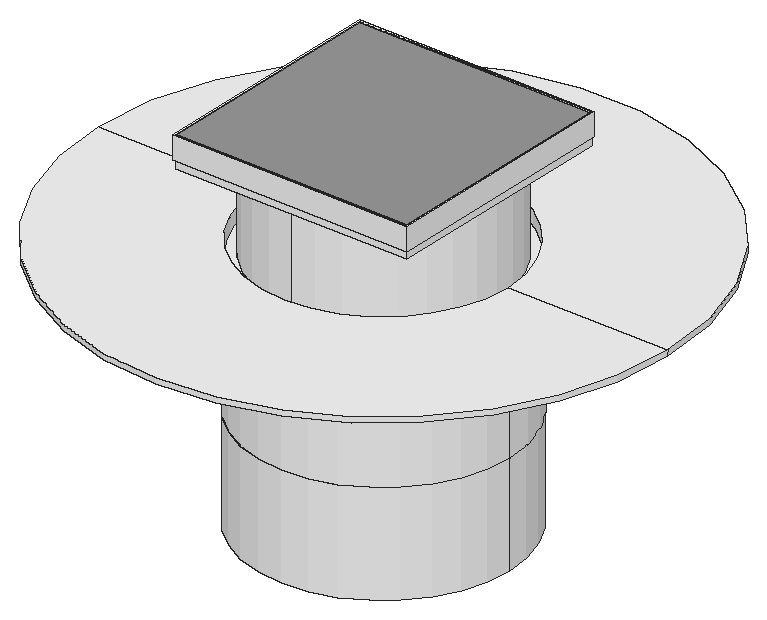
Revit family "HL_RU_Roof drain_HL62BP-B-221103", category Instalační zařizovací předměty, Revit 2021
Family settings
  Kóta kulaté spojky = Použít průměr
  Typ dílu = Normální
  Číslo OmniClass = 23.70.50.21.24.14
  Nadpis OmniClass = Deck Waste Water Drains
  Založené na pracovní rovině = Ne
  Vždy vertikální = Ano
  Ořezat dutým tvarem při načtení = Ne
  Sdílené = Ne
  Bod výpočtu místnosti = Ano
Parameters (values of type "HL_Кровельная воронка_HL62BP_5")
  РЕШЁТКА = "Edelstahl 137x137mm"
  РАЗМЕР = "DN160"
  ПРОПУСКНАЯ СПОСОБНОСТЬ [instance] = 0.0 L/s
  ПРОИЗВОДИТЕЛЬНОСТЬ = "6,0 l/s"
  ПРАВОВАЯ ИНФОРМАЦИЯ = "Авторские права(©), права на дизайн или какие либо другие права интелектуальной собственности являются исключительной собственностью компании HL Hutterer & Lechner. Изменению не подлежит. Файл семейства с данными о прозводителе изделия защищен паролем с водяным знаком."
  НОМИНАЛЬНЫЙ ДИАМЕТР = 160 mm
  НАСАДКА = "12-65mm/148x148mm"
  МАТЕРИАЛ = "PP/PVC"
  МАКСИМАЛЬНАЯ НАГРУЗКА КЛАССА = "K - 300 kg"
  ВЫСОТА МОНТАЖА = "120 mm"
  ВЕС = "1,72 [kg]"
  Výchozí výška = 0 mm
  Výrobce = "HL Hutterer & Lechner GmbH"  # constant formula
  URL = "http://www.hutterer-lechner.com/ru/products/catalog/roof-drains/HL62BP/5.aspx"
  Материал плитка [instance] = none
  Přípoj ventilace = no
  Přípoj odpadních dílů = yes
  Přípoj HW = no
  Přípoj CW = no
  Popis = "Кровельные воронки"
  Model = "HL62BP_5"
  Assembly Code = " "
  Komentáře k typům = "HL62BP/5 Кровельная воронка DN160 с ПВХ_консолью для эксплуатируемой кровли _ 148х148мм/137х137мм,"
  Keynote = "HL62BP_5"
  EAN = "9003076022298"
  Bысота монтажа [instance] = 65 mm  # constant formula
  G [instance] = 180.00°  # constant formula
  D [instance] = if(НОМИНАЛЬНЫЙ ДИАМЕТР = 75 mm, 58 mm, 60 mm) + Bысота монтажа  # 125 mm
  C [instance] = if(Bысота монтажа - 68 mm < 0 mm, 0 mm, Bысота монтажа - 68 mm)  # 0 mm
  B [instance] = 100 mm  # constant formula
  A [instance] = if(B - 100 mm > 15 mm, B - 100 mm, 15 mm)  # 15 mm
Types (5, lengths in mm): name | РАЗМЕР | НОМИНАЛЬНЫЙ ДИАМЕТР | ВЕС | URL | Model | Komentáře k typům | Keynote | EAN | D
  (no name) | "DN75" | 75 | "1,4 [kg]" | "http://www.hutterer-lechner.com/ru/products/catalog/roof-drains/HL62BP/7.aspx" | "HL62BP_7" | "HL62BP/7 Кровельная воронка DN75 с ПВХ_консолью для эксплуатируемой кровли _ 148х148мм/137х137мм," | "HL62BP_7" | "9003076022311" | 123
  HL_Кровельная воронка_HL62BP_1 | "DN110" | 110 | "1,36 [kg]" | "http://www.hutterer-lechner.com/ru/products/catalog/roof-drains/HL62BP/1.aspx" | "HL62BP_1" | "HL62BP/1 Кровельная воронка DN110 с ПВХ_консолью для эксплуатируемой кровли _ 148х148мм/137х137мм," | "HL62BP_1" | "9003076022250" | 125
  HL_Кровельная воронка_HL62BP_2 | "DN125" | 125 | "1,67 [kg]" | "http://www.hutterer-lechner.com/ru/products/catalog/roof-drains/HL62BP/2.aspx" | "HL62BP_2" | "HL62BP/2 Кровельная воронка DN125 с ПВХ_консолью для эксплуатируемой кровли _ 148х148мм/137х137мм," | "HL62BP_2" | "9003076022274" | 125
  HL_Кровельная воронка_HL62BP_5 | "DN160" | 160 | "1,72 [kg]" | "http://www.hutterer-lechner.com/ru/products/catalog/roof-drains/HL62BP/5.aspx" | "HL62BP_5" | "HL62BP/5 Кровельная воронка DN160 с ПВХ_консолью для эксплуатируемой кровли _ 148х148мм/137х137мм," | "HL62BP_5" | "9003076022298" | 125
  HL_Кровельная воронка_HL62BP_7 | "DN75" | 75 | "1,4 [kg]" | "http://www.hutterer-lechner.com/ru/products/catalog/roof-drains/HL62BP/7.aspx" | "HL62BP_7" | "HL62BP/7 Кровельная воронка DN75 с ПВХ_консолью для эксплуатируемой кровли _ 148х148мм/137х137мм," | "HL62BP_7" | "9003076022311" | 123
Reference planes
  plane 1 "Center (Front/Back)": y = 0
  plane 2: z = 0
  plane 3 "Center (Left/Right)": x = 0
  plane 4: z = -100
  plane 5: z = -65
Lines and regions (mm)
  model lines, style "InvisibleLines"
    curve 1: line (0, 0, 0) -> (0, 0, 20)
  model lines, style "PlumbingFixtures", detail levels coarse+medium
    curve 2: line (0, 0, -100) -> (0, 0, -85)
    curve 3: line (0, 0, -85) -> (-85, 0, 0)
    curve 4: line (0, 0, -85) -> (85, 0, 0)
    curve 6: line (0, 0, -100) -> (0, 0, -225)
  reference lines, not visible
    curve 5: line (0, 0, -100) -> (0, 0, -225)
  symbolic lines, style "PlumbingFixtures", detail levels coarse+medium
    curve 7: line (-75, 75, 0) -> (75, 75, 0)
    curve 8: line (-75, -75, 0) -> (-75, 75, 0)
    curve 9: line (75, -75, 0) -> (-75, -75, 0)
    curve 10: line (75, 75, 0) -> (75, -75, 0)
    curve 11: line (-75, 75, 0) -> (-145.711, 145.711, 0)
    curve 12: line (75, 75, 0) -> (145.711, 145.711, 0)
    curve 13: line (-75, -75, 0) -> (-145.711, -145.711, 0)
    curve 14: line (75, -75, 0) -> (145.711, -145.711, 0)
  symbolic lines, style "PlumbingFixtures", not visible, detail levels coarse+medium
    curve 15: line (-75, 75, 0) -> (75, 75, 0)
    curve 16: line (-75, -75, 0) -> (-75, 75, 0)
    curve 17: line (75, -75, 0) -> (-75, -75, 0)
    curve 18: line (75, 75, 0) -> (75, -75, 0)
    curve 19: line (-75, 75, 0) -> (-145.711, 145.711, 0)
    curve 20: line (75, 75, 0) -> (145.711, 145.711, 0)
    curve 21: line (-75, -75, 0) -> (-145.711, -145.711, 0)
    curve 22: line (75, -75, 0) -> (145.711, -145.711, 0)
Text (mm)
  text "FLOOR" at (-162.344, 0, -10.979), in view "Drain Construction View"
Dimensions and locks
  "B": plane 2 to plane 4
  "Bысота монтажа": plane 2 to plane 5
  "A": curve 4 to plane 4
  "D": curve 5 to curve 5
  "D": curve 6 to curve 6
  locked: curve 4 to plane 3 "Center (Left/Right)" (angle 45.00°)
  locked: plane 3 "Center (Left/Right)" to curve 3 (angle 45.00°)
  "G": angle curve 5 to plane 3 "Center (Left/Right)"
  aligned and locked: level to plane 2
  aligned and locked: plane 2 to curve 4
  aligned and locked: plane 2 to curve 3
  aligned and locked: plane 4 to curve 5
  aligned and locked: plane 3 "Center (Left/Right)" to curve 5
  aligned and locked: plane 4 to curve 2
  aligned and locked: curve 6 to plane 3 "Center (Left/Right)"
  aligned and locked: curve 6 to plane 4
  aligned and locked: plane 3 "Center (Left/Right)" to nested 1
  aligned and locked: plane 2 to nested 1
  aligned and locked: plane 3 "Center (Left/Right)" to nested 2
  aligned and locked: nested 2 to plane 5
Automatic sketch dimensions
  curve 2 to plane 3 "Center (Left/Right)" = 0 mm
  curve 1 to plane 3 "Center (Left/Right)" = 0 mm
  curve 1 to level = 0 mm
  level to curve 1 = 20 mm
Nested families
  nested 1: "HL_Насадка_HL66.9S" at (0, 0, 0), Bысота монтажа <- "Bысота монтажа", type "HL_Grate frame_HL66.9S"
    with L 93 mm, IHmin 12 mm, IHmax 65 mm, Bысота монтажа 65 mm
  nested 2: "HL_кровельные воронки - корпус_HL62P" at (0, 0, -65), НОМИНАЛЬНЫЙ ДИАМЕТР <- "НОМИНАЛЬНЫЙ ДИАМЕТР", type "HL_кровельные воронки - корпус_HL62P"
    with НОМИНАЛЬНЫЙ ДИАМЕТР 160 mm, L 64 mm
Connectors
  piping at (0, 0, -225), diameter 160, driven by "ПРОПУСКНАЯ СПОСОБНОСТЬ", driven by "НОМИНАЛЬНЫЙ ДИАМЕТР"
    settings: on curve 5, index 1, connector inside diameter 609.6 mm, connector length 0 mm, flow factor 0, pipe flow 0.0 L/s, pressure drop 0.0 Pa, fitting loss kfactor 0, connector angle 0.00°, fixture units 0, engagement length 0 mm, angle of deflection 0.00°, flow configuration 1, flow direction 2, fitting loss method 0, system type 16, joint type 0, gender type 0, connector reference index -1, connector utility 0, adjustable connector yes, is connector primary yes, connector description ""
Definition of nested family "HL_Насадка_HL66.9S"
  Parameters (values of type "HL_Grate frame_HL66.9S")
    РЕШЁТКА = "Edelstahl 138x138mm"
    РАЗМЕР = "d 145 mm"
    ПРАВОВАЯ ИНФОРМАЦИЯ = "Авторские права(©), права на дизайн или какие либо другие права интелектуальной собственности являются исключительной собственностью компании HL Hutterer & Lechner. Изменению не подлежит. Файл семейства с данными о прозводителе изделия защищен паролем с водяным знаком."
    НАСАДКА = "147x147mm"
    МАТЕРИАЛ = "PP"
    МАКСИМАЛЬНАЯ НАГРУЗКА КЛАССА = "K - 300 kg"
    ВЫСОТА МОНТАЖА = "12-65mm"
    Материал плитка = none
    ВЕС = "0,345 [kg]"
    Default Elevation = 0 mm
    L [instance] = if(Bысота монтажа < IHmin, -100 mm, if(Bысота монтажа > IHmax, -100 mm, Bысота монтажа + 28 mm))  # 93 mm
    Manufacturer = "HL Hutterer & Lechner GmbH"
    URL = "http://www.hutterer-lechner.com/ru/products/catalog/roof-drains/HL66.9.aspx"
    Description = "Кровельные воронки"
    Model = "HL66.9"
    Type Comments = "HL66.9, Насадка d 145мм с бороздками/147х147мм/138х138мм"
    Keynote = "HL66.9"
    Bысота монтажа [instance] = 65 mm
    IHmin [instance] = 12 mm
    IHmax [instance] = 65 mm
    EAN = "9003076014606"
    Cost = 0
  Reference planes
    plane 1 "Střed (vpředu/vzadu)": y = 0
    plane 2: z = 0
    plane 3 "Střed (vlevo/vpravo)": x = 0
  Forms (mm)
    Revolve 1, solid, detail levels fine
      sketch origin (0, 0, 128) x (0, 1, 0) y (0, 0, 1)
        loop
          line (72.5, -142) -> (69.248, -142) -> (69.248, -221) -> (72.5, -221) -> (72.5, -142)
        axis (0, -142) -> (0, -221)
      angle from 0 to 360
    Extrusion 2, solid, detail levels fine
      sketch origin (-1.537, 0, -14.6) x (0, 1, 0) y (-1, 0, 0)
        loop
          line (74, 72.459) -> (-74, 72.459) -> (-74, -75.537) -> (74, -75.537) -> (74, 72.459)
        loop
          line (73, 71.463) -> (-73, 71.463) -> (-73, -74.537) -> (73, -74.537) -> (73, 71.463)
      from 0.6 to 14.6
    Extrusion 3, solid, detail levels fine
      sketch origin (-1.537, 0, -14) x (-1, 0, 0) y (0, 1, 0)
        loop
          line (71.463, 73) -> (-74.537, 73) -> (-74.537, -73) -> (71.463, -73) -> (71.463, 73)
        loop
          circle (-1.537, 0) r 72.5
      from 0 to 5
    Extrusion 4, solid, detail levels fine
      sketch origin (-1.537, 0, -14) x (-1, 0, 0) y (0, -1, 0)
        loop
          line (70.95, -72.397) -> (70.95, 72.463) -> (-74.05, 72.463) -> (-74.05, -72.397) -> (70.95, -72.397)
      from 0 to 14
    Revolve 5, solid, detail levels fine
      sketch origin (0, 75.989, -93) x (0, -1, 0) y (0, 0, -1)
        loop
          line (3.489, -20) -> (3.489, 0) -> (0.186, 0) -> (-2.325, -2.511) -> (-2.325, -20) -> (3.489, -20)
        axis (75.989, -20) -> (75.989, 0)
      angle from 0 to 360
  Lines and regions (mm)
    model lines, detail levels fine
      curve 1: line (36.25, 24.325, 0) -> (36.25, -24.42, 0)
      curve 2: line (43.75, -24.42, 0) -> (43.75, 24.325, 0)
      curve 3: line (52.25, 40.306, 0) -> (52.25, -40.355, 0)
      curve 4: line (59.75, -40.355, 0) -> (59.75, 40.306, 0)
      curve 5: line (20.25, 8.588, 0) -> (20.25, -8.684, 0)
      curve 6: line (27.75, -8.684, 0) -> (27.75, 8.588, 0)
      curve 7: arc (27.75, 8.588, 0) -> (24, 12.338, 0) -> (20.25, 8.588, 0) r 3.75
      curve 8: arc (20.25, -8.684, 0) -> (24, -12.434, 0) -> (27.75, -8.684, 0) r 3.75
      curve 9: arc (36.25, -24.42, 0) -> (40, -28.17, 0) -> (43.75, -24.42, 0) r 3.75
      curve 10: arc (43.75, 24.325, 0) -> (40, 28.075, 0) -> (36.25, 24.325, 0) r 3.75
      curve 11: arc (59.75, 40.306, 0) -> (56, 44.056, 0) -> (52.25, 40.306, 0) r 3.75
      curve 12: arc (52.25, -40.355, 0) -> (56, -44.105, 0) -> (59.75, -40.355, 0) r 3.75
      curve 13: line (-24.325, -36.25, 0) -> (24.42, -36.25, 0)
      curve 14: line (24.42, -43.75, 0) -> (-24.325, -43.75, 0)
      curve 15: line (-40.306, -52.25, 0) -> (40.355, -52.25, 0)
      curve 16: line (40.355, -59.75, 0) -> (-40.306, -59.75, 0)
      curve 17: line (-8.588, -20.25, 0) -> (8.684, -20.25, 0)
      curve 18: line (8.684, -27.75, 0) -> (-8.588, -27.75, 0)
      curve 19: arc (-8.588, -27.75, 0) -> (-12.338, -24, 0) -> (-8.588, -20.25, 0) r 3.75
      curve 20: arc (8.684, -20.25, 0) -> (12.434, -24, 0) -> (8.684, -27.75, 0) r 3.75
      curve 21: arc (24.42, -36.25, 0) -> (28.17, -40, 0) -> (24.42, -43.75, 0) r 3.75
      curve 22: arc (-24.325, -43.75, 0) -> (-28.075, -40, 0) -> (-24.325, -36.25, 0) r 3.75
      curve 23: arc (-40.306, -59.75, 0) -> (-44.056, -56, 0) -> (-40.306, -52.25, 0) r 3.75
      curve 24: arc (40.355, -52.25, 0) -> (44.105, -56, 0) -> (40.355, -59.75, 0) r 3.75
      curve 25: line (36.25, -24.42, 0) -> (36.25, 24.325, 0)
      curve 26: line (43.75, 24.325, 0) -> (43.75, -24.42, 0)
      curve 27: line (52.25, -40.355, 0) -> (52.25, 40.306, 0)
      curve 28: line (59.75, 40.306, 0) -> (59.75, -40.355, 0)
      curve 29: line (20.25, -8.684, 0) -> (20.25, 8.588, 0)
      curve 30: line (27.75, 8.588, 0) -> (27.75, -8.684, 0)
      curve 31: arc (27.75, -8.588, 0) -> (24, -12.338, 0) -> (20.25, -8.588, 0) r 3.75
      curve 32: arc (20.25, 8.684, 0) -> (24, 12.434, 0) -> (27.75, 8.684, 0) r 3.75
      curve 33: arc (36.25, 24.42, 0) -> (40, 28.17, 0) -> (43.75, 24.42, 0) r 3.75
      curve 34: arc (43.75, -24.325, 0) -> (40, -28.075, 0) -> (36.25, -24.325, 0) r 3.75
      curve 35: arc (59.75, -40.306, 0) -> (56, -44.056, 0) -> (52.25, -40.306, 0) r 3.75
      curve 36: arc (52.25, 40.355, 0) -> (56, 44.105, 0) -> (59.75, 40.355, 0) r 3.75
      curve 37: line (24.42, -36.25, 0) -> (-24.325, -36.25, 0)
      curve 38: line (-24.325, -43.75, 0) -> (24.42, -43.75, 0)
      curve 39: line (40.355, -52.25, 0) -> (-40.306, -52.25, 0)
      curve 40: line (-40.306, -59.75, 0) -> (40.355, -59.75, 0)
      curve 41: line (8.684, -20.25, 0) -> (-8.588, -20.25, 0)
      curve 42: line (-8.588, -27.75, 0) -> (8.684, -27.75, 0)
      curve 43: arc (8.588, -27.75, 0) -> (12.338, -24, 0) -> (8.588, -20.25, 0) r 3.75
      curve 44: arc (-8.684, -20.25, 0) -> (-12.434, -24, 0) -> (-8.684, -27.75, 0) r 3.75
      curve 45: arc (-24.42, -36.25, 0) -> (-28.17, -40, 0) -> (-24.42, -43.75, 0) r 3.75
      curve 46: arc (24.325, -43.75, 0) -> (28.075, -40, 0) -> (24.325, -36.25, 0) r 3.75
      curve 47: arc (40.306, -59.75, 0) -> (44.056, -56, 0) -> (40.306, -52.25, 0) r 3.75
      curve 48: arc (-40.355, -52.25, 0) -> (-44.105, -56, 0) -> (-40.355, -59.75, 0) r 3.75
      curve 49: line (-36.25, 24.325, 0) -> (-36.25, -24.325, 0)
      curve 50: line (-43.75, -24.325, 0) -> (-43.75, 24.325, 0)
      curve 51: line (-52.25, 40.306, 0) -> (-52.25, -40.306, 0)
      curve 52: line (-59.75, -40.306, 0) -> (-59.75, 40.306, 0)
      curve 53: line (-20.25, 8.588, 0) -> (-20.25, -8.588, 0)
      curve 54: line (-27.75, -8.684, 0) -> (-27.75, 8.588, 0)
      curve 55: arc (-27.75, 8.588, 0) -> (-24, 12.338, 0) -> (-20.25, 8.588, 0) r 3.75
      curve 56: arc (-20.25, -8.684, 0) -> (-24, -12.434, 0) -> (-27.75, -8.684, 0) r 3.75
      curve 57: arc (-43.75, 24.325, 0) -> (-40, 28.075, 0) -> (-36.25, 24.325, 0) r 3.75
      curve 58: arc (-59.75, 40.306, 0) -> (-56, 44.056, 0) -> (-52.25, 40.306, 0) r 3.75
      curve 59: line (-36.25, -24.325, 0) -> (-36.25, 24.325, 0)
      curve 60: line (-43.75, 24.325, 0) -> (-43.75, -24.325, 0)
      curve 61: line (-52.25, -40.306, 0) -> (-52.25, 40.306, 0)
      curve 62: line (-59.75, 40.306, 0) -> (-59.75, -40.306, 0)
      curve 63: line (-20.25, -8.588, 0) -> (-20.25, 8.588, 0)
      curve 64: line (-27.75, 8.588, 0) -> (-27.75, -8.684, 0)
      curve 65: arc (-27.75, -8.588, 0) -> (-24, -12.338, 0) -> (-20.25, -8.588, 0) r 3.75
      curve 66: arc (-20.25, 8.684, 0) -> (-24, 12.434, 0) -> (-27.75, 8.684, 0) r 3.75
      curve 67: arc (-36.25, 24.42, 0) -> (-40, 28.17, 0) -> (-43.75, 24.42, 0) r 3.75
      curve 68: arc (-43.75, -24.325, 0) -> (-40, -28.075, 0) -> (-36.25, -24.325, 0) r 3.75
      curve 69: arc (-59.75, -40.306, 0) -> (-56, -44.056, 0) -> (-52.25, -40.306, 0) r 3.75
      curve 70: arc (-52.25, 40.355, 0) -> (-56, 44.105, 0) -> (-59.75, 40.355, 0) r 3.75
      curve 71: line (-24.42, 36.25, 0) -> (24.325, 36.25, 0)
      curve 72: line (24.42, 43.75, 0) -> (-24.42, 43.75, 0)
      curve 73: line (-40.355, 52.25, 0) -> (40.306, 52.25, 0)
      curve 74: line (40.306, 59.75, 0) -> (-40.355, 59.75, 0)
      curve 75: line (-8.588, 20.25, 0) -> (8.588, 20.25, 0)
      curve 76: line (8.684, 27.75, 0) -> (-8.588, 27.75, 0)
      curve 77: arc (-8.588, 27.75, 0) -> (-12.338, 24, 0) -> (-8.588, 20.25, 0) r 3.75
      curve 78: arc (8.684, 20.25, 0) -> (12.434, 24, 0) -> (8.684, 27.75, 0) r 3.75
      curve 79: arc (24.42, 36.25, 0) -> (28.17, 40, 0) -> (24.42, 43.75, 0) r 3.75
      curve 80: line (24.325, 36.25, 0) -> (-24.42, 36.25, 0)
      curve 81: line (-24.42, 43.75, 0) -> (24.42, 43.75, 0)
      curve 82: line (40.306, 52.25, 0) -> (-40.355, 52.25, 0)
      curve 83: line (-40.355, 59.75, 0) -> (40.306, 59.75, 0)
      curve 84: line (8.588, 20.25, 0) -> (-8.588, 20.25, 0)
      curve 85: line (-8.588, 27.75, 0) -> (8.684, 27.75, 0)
      curve 86: arc (8.588, 27.75, 0) -> (12.338, 24, 0) -> (8.588, 20.25, 0) r 3.75
      curve 87: arc (-8.684, 20.25, 0) -> (-12.434, 24, 0) -> (-8.684, 27.75, 0) r 3.75
      curve 88: arc (-24.42, 36.25, 0) -> (-28.17, 40, 0) -> (-24.42, 43.75, 0) r 3.75
      curve 89: arc (24.325, 43.75, 0) -> (28.075, 40, 0) -> (24.325, 36.25, 0) r 3.75
      curve 90: arc (40.306, 59.75, 0) -> (44.056, 56, 0) -> (40.306, 52.25, 0) r 3.75
      curve 91: arc (-40.355, 52.25, 0) -> (-44.105, 56, 0) -> (-40.355, 59.75, 0) r 3.75
    reference lines
      curve 92: line (0, 75.989, -93) -> (0, -174.011, -93)
  Dimensions and locks
    Extrusion 2 sketch curve to Extrusion 2 sketch curve = 147.996 mm
    Extrusion 2 sketch curve to Extrusion 2 sketch curve = 148 mm
    "L": curve 92 to plane 2
    aligned and locked: level to plane 2
    aligned and locked: Revolve 1 to curve 92
  Automatic sketch dimensions
    plane 1 "Střed (vpředu/vzadu)" to Extrusion 2 sketch curve = 74 mm
    Extrusion 2 sketch curve to Extrusion 2 sketch curve = 1 mm  (x3)
    plane 3 "Střed (vlevo/vpravo)" to Extrusion 2 sketch curve = 74 mm
    Extrusion 2 sketch curve to Extrusion 2 sketch curve = 0.996 mm
    Extrusion 3 sketch curve to Extrusion 2 = 0 mm  (x4)
    Extrusion 3 sketch curve to Extrusion 2 = 73 mm  (x2)
    Extrusion 2 to curve 16 = 13.25 mm
    curve 24 to curve 47 = 3.75 mm
    curve 47 to curve 24 = 0 mm
    curve 48 to curve 23 = 0 mm  (x2)
    curve 23 to curve 38 = 8.5 mm
    curve 24 to curve 12 = 11.895 mm
    curve 12 to curve 35 = 0.048 mm
    curve 15 to curve 69 = 11.944 mm
    curve 22 to curve 45 = 3.75 mm
    curve 21 to curve 46 = 3.75 mm
    curve 46 to curve 21 = 0 mm
    curve 22 to curve 18 = 8.5 mm
    curve 21 to curve 9 = 11.83 mm
    curve 13 to curve 49 = 11.925 mm
    curve 9 to curve 34 = 0.095 mm
    curve 18 to curve 19 = 3.75 mm
    curve 44 to curve 19 = 0 mm  (x2)
    curve 43 to curve 20 = 0 mm
    curve 20 to curve 5 = 11.566 mm
    curve 49 to curve 64 = 15.642 mm
    curve 8 to curve 31 = 0.095 mm
    curve 56 to curve 53 = 0.095 mm
    curve 65 to curve 64 = 17.177 mm
    curve 31 to curve 29 = 17.177 mm
    curve 7 to curve 32 = 0.095 mm
    curve 55 to curve 66 = 0.095 mm
    curve 32 to curve 84 = 11.566 mm
    curve 86 to curve 78 = 3.75 mm
    curve 86 to curve 78 = 0 mm
    curve 77 to curve 87 = 3.75 mm
    curve 87 to curve 77 = 0 mm  (x2)
    curve 66 to curve 60 = 15.642 mm
    curve 32 to curve 26 = 15.642 mm
    curve 10 to curve 33 = 0.095 mm
    curve 57 to curve 67 = 0.095 mm
    curve 33 to curve 71 = 11.83 mm
    curve 89 to curve 89 = 3.75 mm
    curve 88 to curve 88 = 3.75 mm
    curve 89 to curve 79 = 0 mm
    curve 33 to curve 11 = 15.886 mm
    curve 67 to curve 51 = 15.886 mm
    curve 58 to curve 70 = 0.048 mm
    curve 11 to curve 36 = 0.048 mm
    curve 70 to curve 73 = 11.895 mm
    curve 90 to curve 90 = 3.75 mm
    Extrusion 2 to curve 28 = 13.25 mm
    curve 4 to curve 11 = 3.75 mm
    curve 35 to curve 12 = 0 mm
    curve 36 to curve 11 = 0 mm
    curve 3 to curve 2 = 8.5 mm
    curve 3 to curve 39 = 11.895 mm
    curve 11 to curve 83 = 11.944 mm
    curve 24 to curve 47 = 0.048 mm
    curve 26 to curve 9 = 3.75 mm
    curve 33 to curve 10 = 0 mm
    curve 34 to curve 9 = 0 mm
    curve 34 to curve 30 = 8.5 mm
    curve 90 to curve 72 = 15.886 mm
    curve 1 to curve 21 = 11.83 mm
    curve 79 to curve 80 = 0.095 mm
    curve 21 to curve 46 = 0.095 mm
    curve 6 to curve 32 = 3.75 mm
    curve 6 to curve 8 = 3.75 mm
    curve 31 to curve 8 = 0 mm
    curve 29 to curve 17 = 11.566 mm
    curve 7 to curve 78 = 11.566 mm
    curve 78 to curve 86 = 0.095 mm
    curve 20 to curve 43 = 0.095 mm
    curve 43 to curve 41 = 17.177 mm
    curve 86 to curve 77 = 17.177 mm
    curve 19 to curve 44 = 0.095 mm
    curve 77 to curve 87 = 0.095 mm
    curve 87 to curve 53 = 11.566 mm
    curve 53 to curve 66 = 3.75 mm
    curve 55 to curve 66 = 0 mm
    curve 56 to curve 54 = 3.75 mm
    curve 65 to curve 56 = 0 mm
    curve 44 to curve 14 = 15.642 mm
    curve 22 to curve 45 = 0.095 mm
    curve 87 to curve 72 = 15.736 mm
    curve 45 to curve 59 = 11.83 mm
    curve 57 to curve 67 = 3.75 mm
    curve 68 to curve 68 = 3.75 mm
    curve 45 to curve 15 = 15.886 mm
    curve 23 to curve 48 = 0.048 mm
    curve 72 to curve 74 = 15.935 mm
    curve 91 to curve 51 = 11.895 mm
    curve 51 to curve 70 = 3.75 mm
    curve 51 to curve 69 = 3.75 mm
    curve 45 to curve 22 = 0 mm
    curve 36 to curve 28 = 0 mm
    curve 33 to curve 2 = 0 mm
    curve 32 to curve 30 = 0 mm
    curve 66 to curve 55 = 0 mm
    curve 67 to curve 57 = 0 mm
    curve 70 to curve 51 = 0 mm
    Extrusion 4 sketch curve to Extrusion 3 = 0.487 mm
    Extrusion 4 sketch curve to Extrusion 3 = 0.513 mm
    Extrusion 4 sketch curve to Extrusion 3 = 0.603 mm
    Extrusion 4 sketch curve to Extrusion 3 = 0.537 mm
    Revolve 1 sketch curve to plane 1 "Střed (vpředu/vzadu)" = 0 mm
    Revolve 1 sketch curve to level = 14 mm
    Revolve 1 sketch curve to plane 1 "Střed (vpředu/vzadu)" = 69.248 mm
    Revolve 1 sketch curve to Revolve 1 sketch curve = 3.252 mm
    Revolve 1 sketch curve to Revolve 1 sketch curve = 79 mm
    Revolve 1 sketch curve to Revolve 1 sketch curve = 17.5 mm
    level to Revolve 1 sketch curve = 144.5 mm
    Revolve 5 sketch curve to curve 92 = 0 mm
    Revolve 5 sketch curve to curve 92 = 2.325 mm
    curve 92 to Revolve 5 sketch curve = 0.186 mm
    curve 92 to Revolve 5 sketch curve = 3.489 mm
    Revolve 5 sketch curve to curve 92 = 2.511 mm
    Revolve 5 sketch curve to curve 92 = 20 mm
    curve 92 to Revolve 5 sketch curve = 75.989 mm
    Revolve 5 sketch curve to curve 92 = 393 mm
    curve 92 to Revolve 5 sketch curve = 207 mm
    plane 1 "Střed (vpředu/vzadu)" to curve 92 = 174.011 mm
    curve 92 to plane 1 "Střed (vpředu/vzadu)" = 75.989 mm
    radius of Extrusion 3 sketch curve = 72.5 mm
Definition of nested family "HL_кровельные воронки - корпус_HL62P"
  Parameters (values of type "HL_кровельные воронки - корпус_HL62P")
    НОМИНАЛЬНЫЙ ДИАМЕТР [instance] = 110 mm
    Default Elevation = 0 mm
    Manufacturer = ""
    URL = ""
    Description = ""
    Model = ""
    L [instance] = if(НОМИНАЛЬНЫЙ ДИАМЕТР = 75 mm, 62 mm, 64 mm)  # 64 mm
    Type Comments = ""
    Cost = 0
  Reference planes
    plane 1 "Střed (vpředu/vzadu)": y = 0
    plane 2: z = 0
    plane 3 "Střed (vlevo/vpravo)": x = 0
    plane 4: z = -96
  Forms (mm)
    Revolve 1, solid, detail levels fine
      sketch origin (0, 0, 0) x (1, 0, 0) y (0, 0, 1)
        loop
          line (-180, -3.5) -> (-82.249, -3.5) -> (-82.249, -17.614) -> (-80.086, -21.361) -> (-80.086, -96) -> (0, -96) -> (0, -32.798) -> (-64.677, -32.798) -> (-66.635, -30.2) -> (-74.72, -30.2) -> (-74.72, -23.557) -> (-78.967, -16.49) -> (-78.967, 0) -> (-180, 0) -> (-180, -3.5)
        axis (0, 0) -> (0, -96)
      angle from 0 to 360
    Extrusion 2, solid, detail levels fine
      sketch origin (-80.086, -1524, -96) x (-1, 0, 0) y (0, -1, 0)
        loop
          circle (-80.086, -1524) r 55
      from 0 to -64
  Dimensions and locks
    "L": plane 4 to Extrusion 2
    "НОМИНАЛЬНЫЙ ДИАМЕТР": diameter of Extrusion 2 sketch curve
    aligned and locked: level to plane 2
  Automatic sketch dimensions
    Revolve 1 sketch curve to level = 0 mm
    Revolve 1 sketch curve to plane 3 "Střed (vlevo/vpravo)" = 0 mm  (x2)
    Revolve 1 sketch curve to plane 3 "Střed (vlevo/vpravo)" = 64.677 mm
    Revolve 1 sketch curve to level = 30.2 mm
    Revolve 1 sketch curve to Revolve 1 sketch curve = 1.958 mm
    Revolve 1 sketch curve to level = 23.557 mm
    Revolve 1 sketch curve to Revolve 1 sketch curve = 8.085 mm
    Revolve 1 sketch curve to Revolve 1 sketch curve = 4.247 mm
    Revolve 1 sketch curve to Revolve 1 sketch curve = 1.12 mm
    Revolve 1 sketch curve to Revolve 1 sketch curve = 3.283 mm
    Revolve 1 sketch curve to level = 3.5 mm
    Revolve 1 sketch curve to Revolve 1 sketch curve = 97.751 mm
    Revolve 1 sketch curve to Revolve 1 sketch curve = 2.599 mm
    Revolve 1 sketch curve to Revolve 1 sketch curve = 63.201 mm
    Revolve 1 sketch curve to Revolve 1 sketch curve = 2.197 mm
    Revolve 1 sketch curve to Revolve 1 sketch curve = 3.747 mm
    Revolve 1 sketch curve to Revolve 1 sketch curve = 1.124 mm
    level to Revolve 1 sketch curve = 45 mm
    Revolve 1 sketch curve to Revolve 1 sketch curve = 80 mm
    plane 1 "Střed (vpředu/vzadu)" to Extrusion 2 sketch curve = 0 mm
    Extrusion 2 sketch curve to plane 3 "Střed (vlevo/vpravo)" = 0 mm
